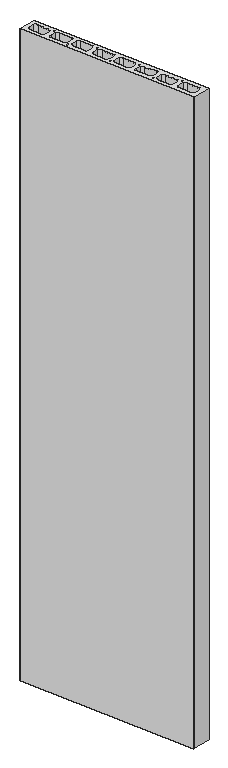
Revit family "ECP_MNLK-6260S7", category Generic Models, Revit 2022
Family settings
  Can host rebar = No
  Round Connector Dimension = Use Diameter
  Part Type = Normal
  Work Plane-Based = No
  Always vertical = Yes
  Cut with Voids When Loaded = Yes
  Maintain Annotation Orientation = No
  Shared = No
  Room Calculation Point = No
Parameters (values of type "ECP_MNLK-6260S7")
  長さ [instance] = 2000 mm
  穴表示 = yes
  材質 = 40Msr_ECP
  Default Elevation = 0 mm
  既存長さ = 610 mm
  幅 [instance] = 600 mm
  固定寸法 = 600 mm
  厚さ = 62 mm
  メースカット非表示 = yes
  メースカット [instance] = 既存長さ - 幅 - 10 mm  # 0 mm
  オースカット非表示 = no
  オースカット = 0 mm
Reference planes
  plane 1 "中心(正面/背面)": y = 0
  plane 2: z = 0
  plane 3 "中心(左/右)": x = 0
  plane 4: y = -31
  plane 5: y = 31
  plane 6: z = 2000
  plane 7: x = 600
Forms (mm)
  Extrusion 1, solid, material "40Msr_ECP" <- "材質", detail levels fine
    sketch origin (0, 0, 0) x (1, 0, 0) y (0, 1, 0)
      loop
        line (0, -28) -> (3, -31) -> (597, -31) -> (600, -28) -> (600, 28) -> (597, 31) -> (3, 31) -> (0, 28) -> (0, -28)
    from 0 to 2000
  Extrusion 2, void
    sketch origin (-50, 0, 0) x (1, 0, 0) y (0, 1, 0)
      loop
        line (660, -31) -> (660, 31) -> (650, 31) -> (650, -31) -> (660, -31)
    from 0 to 2000
  Extrusion 3, void
    sketch origin (-617, 0, 0) x (1, 0, 0) y (0, 1, 0)
      loop
        line (640, -17) -> (683, -17)
        arc (683, -17) -> (688.657, -14.657) -> (691, -9) r 8
        line (691, -9) -> (691, 9) -> (683, 17) -> (640, 17)
        arc (640, 17) -> (634.343, 14.657) -> (632, 9) r 8
        line (632, 9) -> (632, -9)
        arc (632, -9) -> (634.343, -14.657) -> (640, -17) r 8
      loop
        line (713, -17) -> (756, -17) -> (764, -9) -> (764, 9)
        arc (764, 9) -> (761.657, 14.657) -> (756, 17) r 8
        line (756, 17) -> (713, 17) -> (705, 9) -> (705, -9)
        arc (705, -9) -> (707.343, -14.657) -> (713, -17) r 8
      loop
        line (786, -17) -> (829, -17)
        arc (829, -17) -> (834.657, -14.657) -> (837, -9) r 8
        line (837, -9) -> (837, 9) -> (829, 17) -> (786, 17)
        arc (786, 17) -> (780.343, 14.657) -> (778, 9) r 8
        line (778, 9) -> (778, -9) -> (786, -17)
      loop
        line (859, -17) -> (902, -17) -> (910, -9) -> (910, 9)
        arc (910, 9) -> (907.657, 14.657) -> (902, 17) r 8
        line (902, 17) -> (859, 17) -> (851, 9) -> (851, -9)
        arc (851, -9) -> (853.343, -14.657) -> (859, -17) r 8
      loop
        arc (932, 17) -> (926.343, 14.657) -> (924, 9) r 8
        line (924, 9) -> (924, -9) -> (932, -17) -> (975, -17)
        arc (975, -17) -> (980.657, -14.657) -> (983, -9) r 8
        line (983, -9) -> (983, 9) -> (975, 17) -> (932, 17)
      loop
        line (1005, 17) -> (997, 9) -> (997, -9)
        arc (997, -9) -> (999.343, -14.657) -> (1005, -17) r 8
        line (1005, -17) -> (1048, -17) -> (1056, -9) -> (1056, 9)
        arc (1056, 9) -> (1053.657, 14.657) -> (1048, 17) r 8
        line (1048, 17) -> (1005, 17)
      loop
        arc (1078, 17) -> (1072.343, 14.657) -> (1070, 9) r 8
        line (1070, 9) -> (1070, -9) -> (1078, -17) -> (1121, -17)
        arc (1121, -17) -> (1126.657, -14.657) -> (1129, -9) r 8
        line (1129, -9) -> (1129, 9) -> (1121, 17) -> (1078, 17)
      loop
        line (1151, 17) -> (1143, 9) -> (1143, -9)
        arc (1143, -9) -> (1145.343, -14.657) -> (1151, -17) r 8
        line (1151, -17) -> (1194, -17)
        arc (1194, -17) -> (1199.657, -14.657) -> (1202, -9) r 8
        line (1202, -9) -> (1202, 9)
        arc (1202, 9) -> (1199.657, 14.657) -> (1194, 17) r 8
        line (1194, 17) -> (1151, 17)
      loop
        circle (1136, 17) r 1.3
      loop
        circle (1063, -17) r 1.3
      loop
        circle (990, 17) r 1.3
      loop
        circle (917, -17) r 1.3
      loop
        circle (844, 17) r 1.3
      loop
        circle (771, -17) r 1.3
      loop
        circle (698, 17) r 1.3
    from 0 to 2000
Cuts and joins
  Extrusion 2, Extrusion 3 cuts Extrusion 1
Lines and regions (mm)
  symbolic lines, style "ECPパネル", detail levels coarse+medium
    curve 1: line (0, 31, 0) -> (600, 31, 0)
    curve 2: line (0, -31, 0) -> (0, 31, 0)
    curve 3: line (600, -31, 0) -> (0, -31, 0)
    curve 4: line (600, 31, 0) -> (600, -31, 0)
    curve 5: line (0, 0, 0) -> (600, 0, 0)
    curve 6: line (0, 0, 2000) -> (0, 0, 0)
    curve 7: line (600, 0, 2000) -> (0, 0, 2000)
    curve 8: line (600, 0, 0) -> (600, 0, 2000)
    curve 9: line (0, -31, 2000) -> (0, 31, 2000)
    curve 10: line (0, -31, 0) -> (0, -31, 2000)
    curve 11: line (0, 31, 0) -> (0, -31, 0)
    curve 12: line (0, 31, 2000) -> (0, 31, 0)
  model lines, detail levels coarse+medium
    curve 13: line (0, 8, 0) -> (0, -8, 0)
Dimensions and locks
  "厚さ": plane 4 to plane 5
  "長さ": plane 6 to level
  equal spacing: plane 4, plane 1 "中心(正面/背面)", plane 5
  "長さ": cut or joined group of Extrusion 1, Extrusion 2, Extrusion 3 to level
  "長さ": Extrusion 2 to level
  "幅": cut or joined group of Extrusion 1, Extrusion 2, Extrusion 3 to curve 8
  "長さ": level to Extrusion 3
  "メースカット": Extrusion 2 sketch curve to cut or joined group of Extrusion 1, Extrusion 2, Extrusion 3
  "固定寸法": plane 3 "中心(左/右)" to cut or joined group of Extrusion 1, Extrusion 2, Extrusion 3
  "幅": plane 3 "中心(左/右)" to plane 7
  "既存長さ": plane 3 "中心(左/右)" to Extrusion 2
  aligned and locked: level to plane 2
Automatic sketch dimensions
  curve 11 to level = 0 mm
  curve 11 to plane 4 = 0 mm
  curve 11 to plane 5 = 0 mm
  curve 10 to plane 6 = 0 mm
  curve 7 to plane 3 "中心(左/右)" = 0 mm
  curve 7 to plane 6 = 0 mm
  curve 8 to level = 0 mm
  plane 4 to Extrusion 2 sketch curve = 0 mm
  plane 5 to Extrusion 2 sketch curve = 0 mm
  Extrusion 1 sketch curve to plane 3 "中心(左/右)" = 0 mm
  plane 4 to Extrusion 1 sketch curve = 0 mm
  plane 3 "中心(左/右)" to Extrusion 1 sketch curve = 3 mm  (x2)
  Extrusion 1 sketch curve to plane 4 = 3 mm  (x2)
  plane 5 to Extrusion 1 sketch curve = 3 mm  (x2)
  plane 5 to Extrusion 1 sketch curve = 0 mm
  Extrusion 1 sketch curve to Extrusion 1 sketch curve = 594 mm
  Extrusion 1 sketch curve to Extrusion 1 sketch curve = 0 mm
  Extrusion 1 sketch curve to Extrusion 1 sketch curve = 3 mm
  Extrusion 3 sketch curve to Extrusion 3 sketch curve = 8 mm  (x28)
  plane 5 to Extrusion 3 sketch curve = 14 mm  (x7)
  Extrusion 3 sketch curve to Extrusion 3 sketch curve = 43 mm  (x8)
  Extrusion 3 sketch curve to plane 4 = 14 mm  (x7)
  Extrusion 3 sketch curve to Extrusion 3 sketch curve = 0 mm  (x7)
  Extrusion 3 sketch curve to plane 1 "中心(正面/背面)" = 9 mm  (x10)
  Extrusion 3 sketch curve to Extrusion 3 sketch curve = 7 mm  (x12)
  Extrusion 3 sketch curve to Extrusion 3 sketch curve = 14 mm  (x2)
  plane 1 "中心(正面/背面)" to Extrusion 3 sketch curve = 9 mm  (x10)
  plane 3 "中心(左/右)" to Extrusion 3 sketch curve = 23 mm
  curve 1 to plane 3 "中心(左/右)" = 0 mm
  curve 13 to plane 3 "中心(左/右)" = 0 mm
  plane 4 to curve 4 = 0 mm
  curve 4 to plane 7 = 0 mm
  plane 5 to curve 1 = 0 mm
  plane 1 "中心(正面/背面)" to curve 13 = 8 mm
  curve 13 to plane 1 "中心(正面/背面)" = 8 mm
  plane 7 to Extrusion 2 sketch curve = 10 mm
  radius of Extrusion 3 sketch curve = 1.3 mm  (x7)
